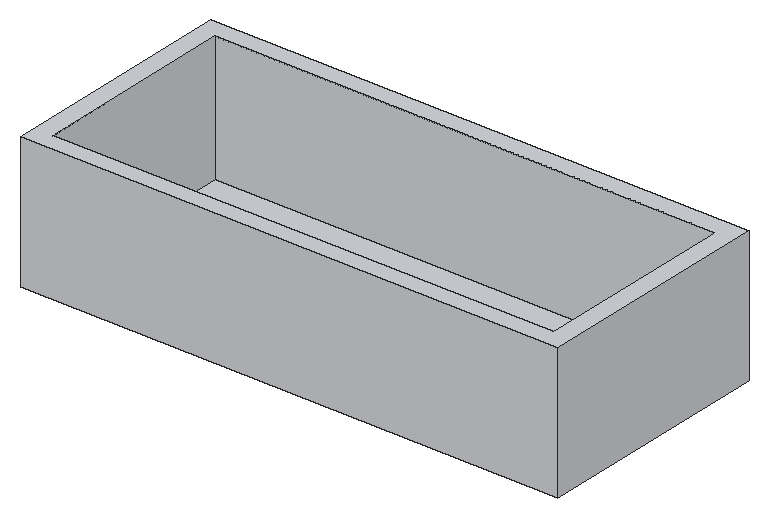
Revit family "rectangle_bath", category Plumbing Fixtures, Revit 2016
Family settings
  Part Type = Normal
  Round Connector Dimension = Use Diameter
  Work Plane-Based = No
  Always vertical = Yes
  Cut with Voids When Loaded = No
  Shared = No
  Room Calculation Point = No
Parameters (values of type "rectangle_bath_3382")
  Width = 1800 mm
  Depth = 800 mm
Types (2, lengths in mm): name | Width
  rectangle_bath_3382 | 1800
  rectangle_bath_Aus | 1700
Reference planes
  plane 1 "Center (Front/Back)": y = 0
  plane 2: z = 0
  plane 3 "Center (Left/Right)": x = 0
  plane 4: y = 400
  plane 5: y = -400
  plane 6: x = -900
  plane 7: x = 900
  plane 8: y = 190
  plane 9: y = -190
  plane 10: x = -540
  plane 11: x = 540
Forms (mm)
  Sweep 1, solid
    path origin (0, 0, 0) x (1, 0, 0) y (0, 1, 0)
      loop
        line (-900, 400) -> (-900, -400) -> (900, -400) -> (900, 400) -> (-900, 400)
    profile origin (0, 400, 0) x (0, 1, 0) y (0, 0, 1)
      loop
        line (0, 0) -> (0, 450) -> (-60, 450) -> (-60, 0) -> (0, 0)
  Extrusion 2, solid
    sketch origin (0, 0, 0) x (1, 0, 0) y (0, 1, 0)
      loop
        line (-840, 340) -> (-840, -340) -> (840, -340) -> (840, 340) -> (-840, 340)
    from 0 to 20
Lines and regions (mm)
  symbolic lines
    curve 1: line (-540, 190, 0) -> (-840, 340, 0)
    curve 2: line (-540, -190, 0) -> (-840, -340, 0)
    curve 3: line (540, -190, 0) -> (840, -340, 0)
    curve 4: line (540, 190, 0) -> (840, 340, 0)
    curve 5: line (-540, 190, 0) -> (540, 190, 0)
    curve 6: line (-540, -190, 0) -> (-540, 190, 0)
    curve 7: line (540, -190, 0) -> (-540, -190, 0)
    curve 8: line (540, 190, 0) -> (540, -190, 0)
Dimensions and locks
  "Width": plane 6 to plane 7
  "Depth": plane 4 to plane 5
  equal spacing: plane 4, plane 1 "Center (Front/Back)", plane 5
  equal spacing: plane 6, plane 3 "Center (Left/Right)", plane 7
  locked: plane 4 to plane 8 at 210
  locked: plane 5 to plane 9 at 210
  locked: plane 11 to plane 7 at 360
  locked: plane 6 to plane 10 at 360
Automatic sketch dimensions
  Sweep 1 sketch curve to plane 5 = 0 mm
  Sweep 1 sketch curve to plane 6 = 0 mm
  Sweep 1 sketch curve to plane 7 = 0 mm
  Sweep 1 sketch curve to plane 4 = 0 mm
  Sweep 1 sketch curve to level = 0 mm
  Sweep 1 sketch curve to profile plane = 0 mm
  profile plane to Sweep 1 sketch curve = 60 mm
  level to Sweep 1 sketch curve = 450 mm
  plane 6 to Extrusion 2 sketch curve = 60 mm
  Extrusion 2 sketch curve to plane 7 = 60 mm
  Extrusion 2 sketch curve to plane 5 = 60 mm
  Extrusion 2 sketch curve to plane 4 = 60 mm
  curve 2 to plane 9 = 0 mm
  curve 1 to plane 10 = 0 mm
  curve 4 to plane 8 = 0 mm
  curve 4 to plane 11 = 0 mm
  plane 6 to curve 2 = 60 mm
  plane 6 to curve 1 = 60 mm
  curve 3 to plane 7 = 60 mm
  curve 4 to plane 7 = 60 mm
  curve 3 to plane 5 = 60 mm
  curve 2 to plane 5 = 60 mm
  curve 1 to plane 4 = 60 mm
  curve 4 to plane 4 = 60 mm
